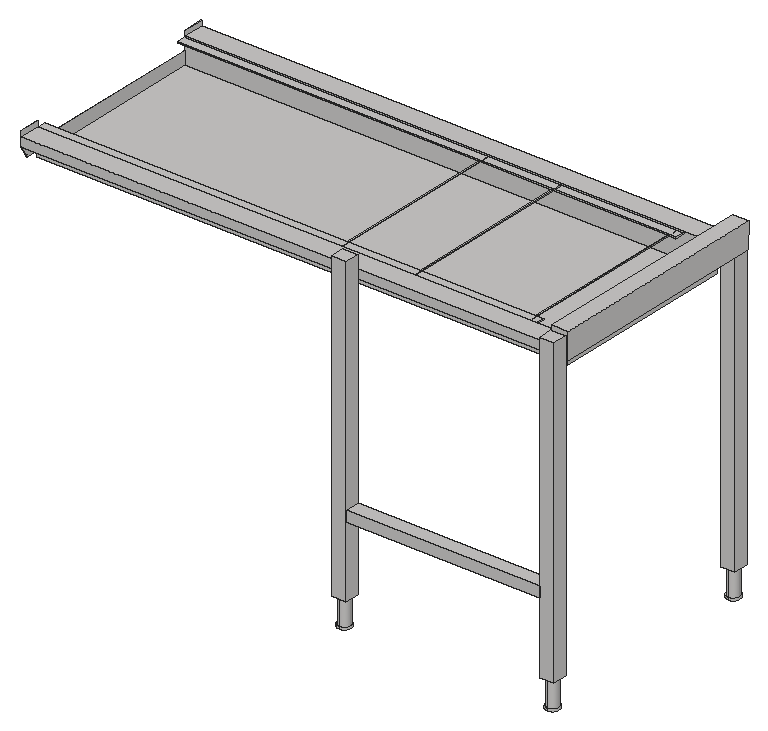
Revit family "QF_ELECTROLUXPROFESSIONAL_863135_HSSL15", category Specialty Equipment, Revit 2018
Family settings
  Round Connector Dimension = Use Diameter
  Part Type = Normal
  Work Plane-Based = No
  Always vertical = Yes
  Cut with Voids When Loaded = No
  Shared = No
  Room Calculation Point = No
Parameters
  Weight = 0.00 kg
  Watts = 0 W
  Volts = 0 V
  URL Manufacturer = "http://professional.electrolux.com/"
  URL = "http://professional.electrolux.com/"
  Steam Supply Size = 0 mm
  Steam Supply Minimum Pressure = 0.0 Pa
  Steam Supply Maximum Pressure = 0.0 Pa
  Steam Pounds per Hour = 0
  Refrigeration Suction Line Size = 0 mm
  Refrigeration Liquid Line Size = 0 mm
  Refrigerant Compressor Remote = yes
  Manufacturer = "Electrolux"
  Phase = 0
  Model = "HSSL15"
  Length Actual = 1500 mm  # constant formula
  Item Number = "863135"
  Hot Water Size = 0 mm
  Height Actual = 922 mm  # constant formula
  HP = "0 HP"
  Gas Size = 0 mm
  Gas KW = 0
  Gas Input Pressure = 0 W
  Description = "SIDE LOADER, DW DRIVEN L=1500"
  Depth Actual = 623 mm  # constant formula
  Cycle = 0 Hz
  Condensate Return Size = 0 mm
  Compressed Air Volume = 0.0 L/s
  Compressed Air Size = 0 mm
  Compressed Air Pressure = 0.0 Pa
  Cold Water Size = 0 mm
  Accessory = yes
Reference planes
  plane 1 "Centro (Fronte/Retro)": y = 74.737
  plane 2: z = 0
  plane 3 "LEFT": x = -1738.761
  plane 4 "BACK": y = 384.737
  plane 5 "FRONT": y = -235.263
  plane 6 "RIGHT": x = -238.761
  plane 7: z = 887.1
  plane 8: x = -838.761
Forms (mm)
  Extrusion 1, solid, material "QF_Finishes_Stainless Steel"
    sketch origin (11.239, 0, 0) x (0, 1, 0) y (0, 0, 1)
      loop
        line (-235.263, 874.1) -> (-235.263, 850.033) -> (-178.263, 850.033) -> (-178.263, 874.1) -> (-235.263, 874.1)
      loop
        line (384.737, 874.1) -> (327.737, 874.1) -> (327.737, 850.033) -> (384.737, 850.033) -> (384.737, 874.1)
    from -1748.8 to -293.54
  Extrusion 2, solid, material "QF_Finishes_Stainless Steel"
    sketch origin (11.239, 0, 0) x (0, 1, 0) y (0, 0, 1)
      loop
        line (-179.749, 850.033) -> (-179.749, 800.081) -> (329.266, 800.081) -> (329.266, 850.033) -> (327.737, 850.033) -> (327.737, 803.081) -> (-178.263, 803.081) -> (-178.263, 850.033) -> (-179.749, 850.033)
    from -1748.8 to -293.54
  Extrusion 3, solid, material "QF_Finishes_Stainless Steel"
    sketch origin (1218.899, 723.253, 4000) x (0, 1, 0) y (0, 0, 1)
      loop
        line (-903.002, -3149.967) -> (-903.002, -3199.919) -> (-393.987, -3199.919) -> (-393.987, -3149.967) -> (-903.002, -3149.967)
    from -1500 to -1501.2
  Extrusion 4, solid, material "QF_Finishes_Stainless Steel"
    sketch origin (-548.761, 803.498, 0) x (0, 1, 0) y (0, 0, 1)
      loop
        line (-1079.929, 300) -> (-1079.929, 270) -> (-1039.929, 270) -> (-1039.929, 300) -> (-1079.929, 300)
    from -264.04 to 266.46
  Extrusion 5, solid, material "QF_Finishes_Stainless Steel"
    sketch origin (-237.561, 723.253, 4000) x (0, 1, 0) y (0, 0, 1)
      loop
        line (-958.516, -3112.9) -> (-958.516, -3149.967) -> (-934.752, -3185.632) -> (-903.002, -3185.632) -> (-903.002, -3199.919) -> (-382.009, -3199.919) -> (-382.009, -3185.632) -> (-362.281, -3185.632) -> (-338.516, -3149.967) -> (-338.516, -3112.9) -> (-395.516, -3112.9) -> (-395.516, -3161.926) -> (-901.516, -3161.926) -> (-901.516, -3112.9) -> (-958.516, -3112.9)
    from -1500 to -1501.2
  Extrusion 6, solid, material "QF_Finishes_Stainless Steel"
    sketch origin (800, 74.737, 0) x (1, 0, 0) y (0, 0, 1)
      loop
        line (-1082.301, 922.1) -> (-1082.301, 850.033) -> (-1038.761, 850.033) -> (-1038.761, 922.1) -> (-1082.301, 922.1)
    from -310 to 310
  Extrusion 7, solid, material "QF_Finishes_Stainless Steel"
    sketch origin (11.239, 0, 40) x (0, 1, 0) y (0, 0, 1)
      loop
        line (-178.263, 831.1) -> (-178.263, 828.1) -> (-152.853, 828.1) -> (-152.853, 831.1) -> (-178.263, 831.1)
      loop
        line (327.737, 828.1) -> (327.737, 831.1) -> (302.405, 831.1) -> (302.405, 828.1) -> (327.737, 828.1)
    from -1748.8 to -381.964
  Extrusion 8, solid, material "QF_Finishes_Stainless Steel"
    sketch origin (0, 74.737, 0) x (1, 0, 0) y (0, 0, 1)
      loop
        circle (-394.266, 866.614) r 1.486
      loop
        circle (-710.724, 866.614) r 1.486
      loop
        circle (-910.724, 866.614) r 1.486
    from -253 to 253
  Revolve 9, solid, material "QF_Finishes_Stainless Steel"
    sketch origin (-838.761, 0, 182.048) x (0, 1, 0) y (0, 0, 1)
      loop
        line (74.737, 618.033) -> (-1.756, 618.033) -> (-1.756, 601.823) -> (0.354, 601.823)
        arc (0.354, 601.823) -> (3.64, 597.973) -> (0.351, 594.125) r 3.897
        line (0.351, 594.125) -> (-1.756, 594.125) -> (-1.756, 551.31)
        arc (-1.756, 551.31) -> (8.91, 520.632) -> (36.296, 503.17) r 49.497
        line (36.296, 503.17) -> (36.296, 500.684) -> (37.487, 497.398) -> (51.25, 491.407) -> (51.25, 455.535) -> (52.727, 454.059) -> (74.737, 454.059) -> (74.737, 618.033)
      axis (74.737, 454.059) -> (74.737, 618.033)
    angle from 0 to 360
Cuts and joins
  joined: Extrusion 1, Extrusion 2, Extrusion 3, Extrusion 5, Extrusion 6, Extrusion 7, Extrusion 8
Lines and regions (mm)
  Masking region 1
    outline origin (0, 0, 0) x (1, 0, 0) y (0, 1, 0)
      loop
        line (-1738.761, 384.737) -> (-1738.761, -235.263) -> (-238.761, -235.263) -> (-238.761, 384.737) -> (-1738.761, 384.737)
  Split face 1
    outline origin (-572.301, 327.737, 803.081) x (-1, 0, 0) y (0, -1, 0)
      loop
        circle (266.46, 253) r 53
  Split face 2
    outline origin (-572.301, 327.737, 803.081) x (-1, 0, 0) y (0, -1, 0)
      loop
        circle (266.46, 253) r 36
  Split face 3
    outline origin (-572.301, 327.737, 803.081) x (-1, 0, 0) y (0, -1, 0)
      loop
        circle (266.46, 253) r 9.1
  Split face 4
    outline origin (-572.301, 327.737, 803.081) x (-1, 0, 0) y (0, -1, 0)
      loop
        circle (266.46, 253) r 3
  Split face 5
    outline origin (-572.301, 327.737, 803.081) x (-1, 0, 0) y (0, -1, 0)
      loop
        circle (266.46, 253) r 26
  symbolic lines
    curve 1: line (-238.761, 384.737, 0) -> (-1738.761, 384.737, 0)
    curve 2: line (-238.761, -235.263, 0) -> (-238.761, 384.737, 0)
    curve 3: line (-1738.761, -235.263, 0) -> (-238.761, -235.263, 0)
    curve 4: line (-282.301, -178.263, 0) -> (-1738.761, -178.263, 0)
    curve 5: line (-282.301, -235.263, 0) -> (-282.301, 384.737, 0)
    curve 6: line (-370.724, -178.263, 0) -> (-370.724, -152.853, 0)
    curve 7: line (-370.724, -152.853, 0) -> (-1738.761, -152.853, 0)
    curve 8: line (-912.211, -152.853, 0) -> (-912.211, 302.327, 0)
    curve 9: line (-1738.761, 327.737, 0) -> (-282.301, 327.737, 0)
    curve 10: line (-909.239, 302.327, 0) -> (-909.239, -152.853, 0)
    curve 11: line (-395.752, -152.853, 0) -> (-395.752, 302.327, 0)
    curve 12: line (-392.779, 302.147, 0) -> (-392.779, -152.853, 0)
    curve 13: line (-370.724, 327.737, 0) -> (-370.724, 302.327, 0)
    curve 14: line (-370.724, 302.327, 0) -> (-1738.761, 302.327, 0)
    curve 15: line (-1738.761, 74.737, 0) -> (-1708.761, 74.737, 0)
    curve 16: line (-547.551, -235.263, 0) -> (-547.551, -205.263, 0)
    curve 17: arc (-838.761, -1.756, 0) -> (-915.254, 74.737, 0) -> (-838.761, 151.231, 0) r 76.494
    curve 18: arc (-838.761, 151.231, 0) -> (-762.267, 74.737, 0) -> (-838.761, -1.756, 0) r 76.494
    curve 19: arc (-838.761, 96.747, 0) -> (-860.771, 74.737, 0) -> (-838.761, 52.727, 0) r 22.01
    curve 20: arc (-838.761, 52.727, 0) -> (-816.751, 74.737, 0) -> (-838.761, 96.747, 0) r 22.01
    curve 21: line (-712.211, -152.853, 0) -> (-712.211, 302.327, 0)
    curve 22: line (-709.239, 302.327, 0) -> (-709.239, -152.853, 0)
Dimensions and locks
  plane 3 "LEFT" to plane 6 "RIGHT" = 1500 mm
  equal spacing: plane 4 "BACK", plane 1 "Centro (Fronte/Retro)", plane 5 "FRONT"
  plane 4 "BACK" to plane 5 "FRONT" = 620 mm
  cut or joined group of Extrusion 1, Extrusion 2, Extrusion 3, Extrusion 5, Extrusion 6, Extrusion 7, Extrusion 8 to cut or joined group of Extrusion 1, Extrusion 2, Extrusion 3, Extrusion 5, Extrusion 6, Extrusion 7, Extrusion 8 = 506 mm
  Extrusion 8 sketch curve to Extrusion 8 sketch curve to Extrusion 8 sketch curve to plane 6 "RIGHT" = 200 mm locked, 316.459 mm locked, 155.505 mm locked
  plane 8 to plane 6 "RIGHT" = 600 mm
  aligned and locked: level to plane 2
Automatic sketch dimensions
  plane 5 "FRONT" to Extrusion 2 sketch curve = 55.514 mm
  Extrusion 2 sketch curve to Extrusion 2 sketch curve = 1.486 mm
  Extrusion 2 sketch curve to plane 4 "BACK" = 57 mm
  Extrusion 2 sketch curve to Extrusion 2 sketch curve = 1.529 mm
  Extrusion 2 sketch curve to plane 7 = 87.019 mm
  Extrusion 2 sketch curve to Extrusion 2 sketch curve = 3 mm
  Extrusion 2 sketch curve to plane 7 = 37.067 mm  (x2)
  plane 5 "FRONT" to Extrusion 3 sketch curve = 55.514 mm
  Extrusion 3 sketch curve to plane 4 "BACK" = 55.471 mm
  Extrusion 3 sketch curve to plane 7 = 87.019 mm
  Extrusion 3 sketch curve to plane 7 = 37.067 mm
  Masking region 1 sketch curve to plane 3 "LEFT" = 0 mm
  Masking region 1 sketch curve to plane 5 "FRONT" = 0 mm
  Masking region 1 sketch curve to plane 6 "RIGHT" = 0 mm
  Masking region 1 sketch curve to plane 4 "BACK" = 0 mm
  Extrusion 4 sketch curve to plane 5 "FRONT" = 41.168 mm
  Extrusion 4 sketch curve to plane 5 "FRONT" = 1.168 mm
  level to Extrusion 4 sketch curve = 270 mm
  Extrusion 4 sketch curve to Extrusion 4 sketch curve = 30 mm
  Extrusion 5 sketch curve to plane 5 "FRONT" = 0 mm
  Extrusion 5 sketch curve to plane 7 = 0 mm  (x2)
  Extrusion 5 sketch curve to plane 4 "BACK" = 0 mm
  plane 5 "FRONT" to Extrusion 5 sketch curve = 23.764 mm
  Extrusion 5 sketch curve to Extrusion 5 sketch curve = 31.75 mm
  plane 5 "FRONT" to Extrusion 5 sketch curve = 57 mm
  Extrusion 5 sketch curve to plane 4 "BACK" = 57 mm
  Extrusion 5 sketch curve to Extrusion 5 sketch curve = 13.508 mm
  Extrusion 5 sketch curve to Extrusion 5 sketch curve = 19.728 mm
  Extrusion 5 sketch curve to plane 7 = 37.067 mm  (x2)
  Extrusion 5 sketch curve to Extrusion 5 sketch curve = 11.959 mm
  Extrusion 5 sketch curve to Extrusion 5 sketch curve = 23.706 mm  (x2)
  Extrusion 5 sketch curve to Extrusion 5 sketch curve = 14.287 mm
  Extrusion 6 sketch curve to plane 6 "RIGHT" = 0 mm
  Extrusion 6 sketch curve to plane 6 "RIGHT" = 43.54 mm
  Extrusion 6 sketch curve to plane 7 = 37.067 mm
  plane 7 to Extrusion 6 sketch curve = 35 mm
  plane 5 "FRONT" to Extrusion 7 sketch curve = 57 mm
  Extrusion 7 sketch curve to plane 4 "BACK" = 57 mm
  Extrusion 7 sketch curve to plane 7 = 16 mm  (x2)
  Extrusion 7 sketch curve to Extrusion 7 sketch curve = 25.41 mm
  Extrusion 7 sketch curve to Extrusion 7 sketch curve = 25.332 mm
  Extrusion 7 sketch curve to Extrusion 7 sketch curve = 3 mm  (x2)
  Extrusion 1 sketch curve to plane 5 "FRONT" = 0 mm
  Extrusion 1 sketch curve to plane 4 "BACK" = 0 mm
  plane 5 "FRONT" to Extrusion 1 sketch curve = 57 mm
  Extrusion 1 sketch curve to plane 7 = 13 mm  (x2)
  Extrusion 1 sketch curve to plane 4 "BACK" = 57 mm
  Extrusion 1 sketch curve to Extrusion 1 sketch curve = 24.067 mm
  Extrusion 1 sketch curve to plane 7 = 37.067 mm
  plane 1 "Centro (Fronte/Retro)" to Revolve 9 sketch curve = 76.494 mm
  Revolve 9 sketch curve to Revolve 9 sketch curve = 0 mm  (x2)
  Revolve 9 sketch curve to Revolve 9 sketch curve = 1.5 mm
  Revolve 9 sketch curve to Revolve 9 sketch curve = 2.107 mm
  Revolve 9 sketch curve to Revolve 9 sketch curve = 2.11 mm
  plane 1 "Centro (Fronte/Retro)" to Revolve 9 sketch curve = 38.441 mm
  Revolve 9 sketch curve to Revolve 9 sketch curve = 1.191 mm
  plane 1 "Centro (Fronte/Retro)" to Revolve 9 sketch curve = 26.996 mm
  Revolve 9 sketch curve to Revolve 9 sketch curve = 13.764 mm
  Revolve 9 sketch curve to Revolve 9 sketch curve = 1.476 mm  (x2)
  Revolve 9 sketch curve to Revolve 9 sketch curve = 22.01 mm
  Revolve 9 sketch curve to plane 7 = 250.993 mm
  Revolve 9 sketch curve to Revolve 9 sketch curve = 35.872 mm
  Revolve 9 sketch curve to Revolve 9 sketch curve = 5.991 mm
  Revolve 9 sketch curve to Revolve 9 sketch curve = 3.286 mm
  Revolve 9 sketch curve to Revolve 9 sketch curve = 2.486 mm
  Revolve 9 sketch curve to Revolve 9 sketch curve = 48.139 mm
  Revolve 9 sketch curve to Revolve 9 sketch curve = 42.815 mm
  Revolve 9 sketch curve to Revolve 9 sketch curve = 3.849 mm
  Revolve 9 sketch curve to Revolve 9 sketch curve = 66.706 mm
  Revolve 9 sketch curve to Revolve 9 sketch curve = 3 mm
  Revolve 9 sketch curve to Revolve 9 sketch curve = 14.991 mm
  Extrusion 8 sketch curve to plane 7 = 20.486 mm  (x3)
  cut or joined group of Extrusion 1, Extrusion 2, Extrusion 3, Extrusion 5, Extrusion 6, Extrusion 7, Extrusion 8 to Split face 1 sketch curve = 556.46 mm
  cut or joined group of Extrusion 1, Extrusion 2, Extrusion 3, Extrusion 5, Extrusion 6, Extrusion 7, Extrusion 8 to Split face 1 sketch curve = 253 mm
  cut or joined group of Extrusion 1, Extrusion 2, Extrusion 3, Extrusion 5, Extrusion 6, Extrusion 7, Extrusion 8 to Split face 2 sketch curve = 556.46 mm
  cut or joined group of Extrusion 1, Extrusion 2, Extrusion 3, Extrusion 5, Extrusion 6, Extrusion 7, Extrusion 8 to Split face 2 sketch curve = 253 mm
  cut or joined group of Extrusion 1, Extrusion 2, Extrusion 3, Extrusion 5, Extrusion 6, Extrusion 7, Extrusion 8 to Split face 3 sketch curve = 556.46 mm
  cut or joined group of Extrusion 1, Extrusion 2, Extrusion 3, Extrusion 5, Extrusion 6, Extrusion 7, Extrusion 8 to Split face 3 sketch curve = 253 mm
  cut or joined group of Extrusion 1, Extrusion 2, Extrusion 3, Extrusion 5, Extrusion 6, Extrusion 7, Extrusion 8 to Split face 4 sketch curve = 556.46 mm
  cut or joined group of Extrusion 1, Extrusion 2, Extrusion 3, Extrusion 5, Extrusion 6, Extrusion 7, Extrusion 8 to Split face 4 sketch curve = 253 mm
  cut or joined group of Extrusion 1, Extrusion 2, Extrusion 3, Extrusion 5, Extrusion 6, Extrusion 7, Extrusion 8 to Split face 5 sketch curve = 556.46 mm
  cut or joined group of Extrusion 1, Extrusion 2, Extrusion 3, Extrusion 5, Extrusion 6, Extrusion 7, Extrusion 8 to Split face 5 sketch curve = 253 mm
  curve 17 to curve 18 = 0 mm  (x2)
  curve 17 to curve 19 = 0 mm  (x2)
  curve 17 to curve 20 = 0 mm  (x2)
  curve 18 to curve 19 = 0 mm  (x2)
  curve 18 to curve 20 = 0 mm  (x2)
  curve 19 to curve 20 = 0 mm  (x2)
  curve 14 to plane 3 "LEFT" = 0 mm
  curve 1 to plane 3 "LEFT" = 0 mm
  plane 1 "Centro (Fronte/Retro)" to curve 15 = 0 mm
  curve 15 to plane 3 "LEFT" = 0 mm
  curve 4 to plane 3 "LEFT" = 0 mm
  curve 3 to plane 3 "LEFT" = 0 mm
  curve 9 to plane 3 "LEFT" = 0 mm
  curve 7 to plane 3 "LEFT" = 0 mm
  plane 1 "Centro (Fronte/Retro)" to curve 20 = 0 mm
  curve 20 to plane 8 = 0 mm
  curve 16 to plane 5 "FRONT" = 0 mm
  curve 5 to plane 4 "BACK" = 0 mm
  curve 2 to plane 6 "RIGHT" = 0 mm
  curve 13 to plane 6 "RIGHT" = 131.964 mm
  curve 7 to plane 6 "RIGHT" = 131.964 mm
  plane 5 "FRONT" to curve 6 = 82.41 mm
  curve 13 to plane 4 "BACK" = 82.41 mm
  curve 15 to curve 15 = 30 mm
  curve 8 to plane 8 = 73.45 mm
  curve 8 to curve 10 = 2.973 mm
  plane 8 to curve 21 = 126.55 mm
  curve 21 to curve 22 = 2.973 mm
  curve 22 to curve 16 = 161.688 mm
  curve 11 to curve 13 = 25.027 mm
  curve 11 to curve 12 = 2.973 mm
  curve 5 to curve 1 = 43.54 mm
  plane 5 "FRONT" to curve 16 = 30 mm
  curve 4 to curve 7 = 25.41 mm
  curve 18 to curve 17 = 76.494 mm
  curve 20 to curve 17 = 22.01 mm
  curve 12 to curve 11 = 0.181 mm
  curve 13 to curve 13 = 25.41 mm
  radius of Extrusion 8 sketch curve = 1.486 mm  (x3)
  radius of Split face 1 sketch curve = 53 mm
  radius of Split face 2 sketch curve = 36 mm
  radius of Split face 3 sketch curve = 9.1 mm
  radius of Split face 4 sketch curve = 3 mm
  radius of Split face 5 sketch curve = 26 mm
Nested families
  nested 1: "Foot_40x40" at (-832.801, -256.431, 0) x (0, 1, 0) z (0, 0, 1), type "Foot_40x40"
    with A 910 mm
  nested 2: "Foot_40x40" at (-262.253, -256.431, 0) x (0, 1, 0) z (0, 0, 1), type "Foot_40x40"
    with A 910 mm
  nested 3: "Foot_40x40" at (-262.253, 363.569, 0) x (0, 1, 0) z (0, 0, 1), type "Foot_40x40"
    with A 850.033 mm
Connectors
  piping at (-838.761, 74.737, 636.107), diameter 30
    settings: on Revolve 9, index 1, connector inside diameter 609.6 mm, connector length 0 mm, flow factor 0, pipe flow 0.0 L/s, pressure drop 0.0 Pa, fitting loss kfactor 0, connector angle 0.00°, fixture units 0, engagement length 0 mm, angle of deflection 0.00°, flow configuration 1, flow direction 2, fitting loss method 0, system type 16, joint type 0, gender type 0, connector reference index -1, connector utility 0, adjustable connector no, is connector primary yes, connector description "Drain"
Definition of nested family "Foot_40x40"
  Parameters
    A [instance] = 850 mm
  Reference planes
    plane 1 "Centro (Fronte/Retro)": y = 0
    plane 2: z = 0
    plane 3 "Centro (Sinistra/Destra)": x = 0
    plane 4: z = 850
  Forms (mm)
    Extrusion 1, solid
      sketch origin (0, 0, 0) x (1, 0, 0) y (0, 1, 0)
        loop
          circle (0, 0) r 18
      from 0 to 5
    Extrusion 2, solid
      sketch origin (0, 0, 5) x (1, 0, 0) y (0, 1, 0)
        loop
          circle (0, 0) r 15
      from 0 to 70
    Extrusion 3, solid
      sketch origin (0, 0, 75) x (1, 0, 0) y (0, 1, 0)
        loop
          line (-20, 20) -> (-20, -20) -> (20, -20) -> (20, 20) -> (-20, 20)
      from 0 to 775
  Dimensions and locks
    "A": plane 4 to plane 2
    aligned and locked: level to plane 2
    aligned and locked: plane 4 to Extrusion 3
    aligned and locked: Extrusion 1 to level
  Automatic sketch dimensions
    plane 1 "Centro (Fronte/Retro)" to Extrusion 1 sketch curve = 0 mm
    Extrusion 1 sketch curve to plane 3 "Centro (Sinistra/Destra)" = 0 mm
    Extrusion 3 sketch curve to Extrusion 3 sketch curve = 40 mm  (x2)
    radius of Extrusion 1 sketch curve = 18 mm
    radius of Extrusion 2 sketch curve to Extrusion 1 = 3 mm
